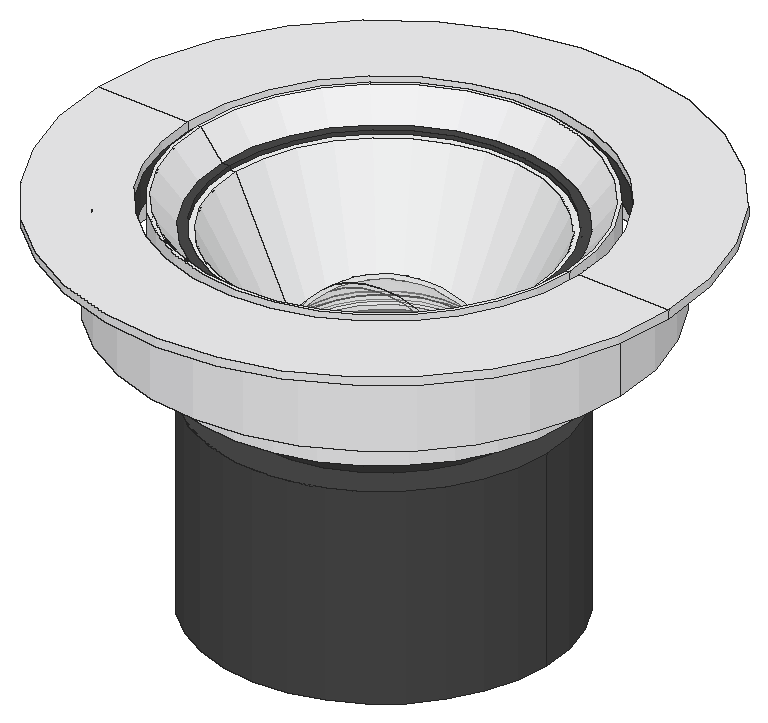
Revit family "2070073", category Lighting Fixtures, host Face, Revit 2018
Family settings
  Host = Face
  Round Connector Dimension = Use Diameter
  Part Type = Normal
  OmniClass Number = 23.80.70.11.17
  OmniClass Title = Specialized Lighting by Location or Use
  Cut with Voids When Loaded = No
  Light Source = No
  Shared = No
  Room Calculation Point = No
Parameters (values of type "2070073 EXPOSPOT 90 ADJ HO RA90 3000K MB WHITE")
  Weight = 0.77 kg  # constant formula
  Total Power Consumption = 27.9994 W
  Reflector Material = Aluminum_Sylvania_Expospot_Polished
  Radius = Diameter / 2  # 75.0 mm
  Product Code = "0060262"
  Photometric Web File = IES_Expospot_90_Adjustable : 0060292
  Photobiological Risk Group = "RG1"  # constant formula
  Nominal Frequency = "50/60Hz"  # constant formula
  Mounting Outer Radius = Head Radius + 3.0 mm  # 52.0 mm
  Max. Luminaires per 20A C Breaker = "45"  # constant formula
  Max. Luminaires per 20A B Breaker = "27"  # constant formula
  Max. Luminaires per 16A C Breaker = "35"  # constant formula
  Max. Luminaires per 16A B Breaker = "21"  # constant formula
  Max. Luminaires per 13A C Breaker = "28"  # constant formula
  Max. Luminaires per 13A B Breaker = "17"  # constant formula
  Max. Luminaires per 10A C Breaker = "21"  # constant formula
  Max. Luminaires per 10A B Breaker = "13"  # constant formula
  Light Loss Factor = 1  # constant formula
  Lamp Power Factor = 0.92
  LOR = "100%"  # constant formula
  Keynote = "n/a"
  Inrush Duration = "250µs"  # constant formula
  Inrush Current = 19.4 A  # constant formula
  Initial Intensity = 3126 lm
  Initial Color = 3000 K
  IP Rating = "IP20"  # constant formula
  IK Rating = "IK02"  # constant formula
  Height = 103.0 mm  # constant formula
  Voltage Comments = "220-240V~"  # constant formula
  Voltage = 240 V  # constant formula
  URL = "0.95"
  Product Page URL = "http://www.sylvania-lighting.com/product/en-int/products/0060262"
  Product Family = "EXPOSPOT 90 ADJUSTABLE"  # constant formula
  Head Radius = Radius - 26.0 mm  # 49.0 mm
  Head Diameter = Head Radius * 2  # 98.0 mm
  Head Angle [instance] = 0°
  Glow Wire Test = 850 °C  # constant formula
  Electrical Protection = "Class II"  # constant formula
  Drive Current = "700mA"  # constant formula
  Dimmable = "N"  # constant formula
  Diffuser Material = Acrylic_Sylvania_Expospot_3000K
  Diameter = 150.0 mm  # constant formula
  Cutout Diameter = Diameter - 10.0 mm  # 140.0 mm
  Created by URL = "http://all1studio.com/"
  Created by = "All 1 Studio Ltd. "  # constant formula
  Control Gear Type = "Electronic"  # constant formula
  Control Gear Required = "No"  # constant formula
  Control Gear Mounting = "Remote"  # constant formula
  Colour Variation Initial = "3SDCM"  # constant formula
  built-in parameter 1114216 [instance] = 1 (stored number, unit not read)
  Model = "EXPOSPOT 90 ADJUSTABLE HO RA90 3000K MB WHITE"
  Manufacturer = "Feilo Sylvania"  # constant formula
  Lamp = "LED"  # constant formula
  CRI = "80Ra"
  Body Material = Aluminum_Sylvania_Expospot_White
  Description = "Specifically designed for Retail and Display applications. I.e. Supermarkets Fashion Retail Department stores. Build around a 90mm reflector and lens combination."  # constant formula
  Default Elevation = 0.0 mm
  built-in parameter 1140040 [instance] = 1
  Beam Angle = 47°
  Average Life = "50 000h"  # constant formula
  Assembly Code = "D5020200"
  Apparent Load Comments = ""
  Apparent Load = 35 VA
  Body Secondary Material = Plastic_Sylvania_Expospot_Black
Reference planes
  plane 1 "Center (Front/Back)": y = 0
  plane 2: z = 0
  plane 3 "Center (Left/Right)": x = -7.423
  plane 4: z = 2
  plane 5: z = -22.5
  plane 6: x = -82.423
  plane 7: z = -5
Forms (mm)
  Revolve 1, solid, material "Aluminum_Sylvania_Expospot_White" <- "Body Material", detail levels fine
    sketch origin (0, 0, 0) x (1, 0, 0) y (0, 0, 1)
      loop
        line (-82.423, 2) -> (-82.423, 0) -> (-69.923, 0) -> (-69.923, -22.5) -> (-67.923, -22.5) -> (-67.923, 0) -> (-58.923, 0) -> (-58.923, 2) -> (-82.423, 2)
      axis (-7.423, 2) -> (-7.423, -22.5)
    angle from 0 to 360
  Revolve 2, solid, material "Plastic_Sylvania_Expospot_Black" <- "Body Secondary Material", detail levels fine
    sketch origin (0, 0, 0) x (1, 0, 0) y (0, 0, 1)
      loop
        line (-67.923, 0) -> (-67.923, -1.5) -> (-60.923, -1.5) -> (-60.923, -8.5) -> (-59.423, -8.5) -> (-59.423, 0) -> (-67.923, 0)
      axis (-7.423, 0) -> (-7.423, -8.5)
    angle from 0 to 360
  Extrusion 3, void
    sketch origin (0, 0, 0) x (1, 0, 0) y (0, 1, 0)
      loop
        circle (-7.423, 0) r 70
    from -116.997 to 69.443
  Extrusion 4, solid, material "Aluminum_Sylvania_Expospot_White" <- "Body Material", detail levels fine
    sketch origin (-7.423, 0, 0) x (0, 1, 0) y (0, 0, 1)
      loop
        circle (0, -5) r 3.5
    from 49 <- "Head Radius" to 52 <- "Mounting Outer Radius"
  Extrusion 5, solid, material "Aluminum_Sylvania_Expospot_White" <- "Body Material", detail levels fine
    sketch origin (-7.423, 0, 0) x (0, 1, 0) y (0, 0, -1)
      loop
        circle (0, 5) r 3.5
    from 49 <- "Head Radius" to 52 <- "Mounting Outer Radius"
  Revolve 6, solid, material "Aluminum_Sylvania_Expospot_White" <- "Body Material", detail levels coarse+medium
    sketch origin (0, 0, 0) x (1, 0, 0) y (0, 0, 1)
      loop
        line (-82.423, 2) -> (-82.423, 0) -> (-69.923, 0) -> (-69.923, -22.5) -> (-67.923, -22.5) -> (-67.923, -8.5) -> (-58.923, -8.5) -> (-58.923, 2) -> (-82.423, 2)
      axis (-7.423, 2) -> (-7.423, -22.5)
    angle from 0 to 360
Lines and regions (mm)
  Masking region 1
    outline origin (0, 0, 0) x (1, 0, 0) y (0, 1, 0)
      loop
        circle (-7.423, 0) r 75
  reference lines
    curve 1: line (-7.423, 0, -5) -> (-7.423, 0, -60)
  symbolic lines, detail levels fine
    curve 2: arc (-58.923, 0, 0) -> (-7.423, 51.5, 0) -> (44.077, 0, 0) r 51.5
    curve 3: arc (44.077, 0, 0) -> (-7.423, -51.5, 0) -> (-58.923, 0, 0) r 51.5
Dimensions and locks
  plane 4 to plane 2 to plane 7 to plane 5 = 2.0 mm locked, 5.0 mm locked, 17.5 mm locked
  "Radius": plane 6 to plane 3 "Center (Left/Right)"
  "Cutout Diameter": diameter of Extrusion 3 sketch curve
  "Head Angle": angle plane 1 "Center (Front/Back)" to curve 1
  aligned and locked: host face to plane 2
  aligned and locked: host face to level
  aligned and locked: plane 6 to Revolve 1 sketch curve
  aligned and locked: Revolve 1 sketch curve to plane 3 "Center (Left/Right)"
  aligned and locked: plane 1 "Center (Front/Back)" to curve 1
  aligned and locked: plane 7 to curve 1
  aligned and locked: plane 6 to Revolve 6 sketch curve
Automatic sketch dimensions
  host sketch curve to host sketch curve = 1412.252 mm
  host sketch curve to host sketch curve = 1359.6 mm
  Revolve 1 sketch curve to level = 0.0 mm  (x2)
  Revolve 1 sketch curve to plane 5 = 0.0 mm
  Revolve 1 sketch curve to plane 4 = 0.0 mm
  Revolve 1 sketch curve to Revolve 1 sketch curve = 12.5 mm
  Revolve 1 sketch curve to Revolve 1 sketch curve = 2.0 mm
  Revolve 1 sketch curve to Revolve 1 sketch curve = 9.0 mm
  Revolve 1 sketch curve to plane 5 = 349.774 mm
  plane 4 to Revolve 1 sketch curve = 1145.706 mm
  Revolve 2 sketch curve to level = 0.0 mm
  Revolve 2 sketch curve to plane 3 "Center (Left/Right)" = 0.0 mm
  Revolve 2 sketch curve to plane 6 = 23.0 mm
  Revolve 2 sketch curve to Revolve 2 sketch curve = 1.5 mm
  Revolve 2 sketch curve to level = 1.5 mm
  Revolve 2 sketch curve to Revolve 2 sketch curve = 7.0 mm
  Revolve 2 sketch curve to plane 7 = 3.5 mm
  Revolve 2 sketch curve to plane 5 = 349.774 mm
  plane 4 to Revolve 2 sketch curve = 1145.706 mm
  plane 1 "Center (Front/Back)" to Extrusion 3 sketch curve = 0.0 mm
  Extrusion 3 sketch curve to plane 3 "Center (Left/Right)" = 0.0 mm
  Extrusion 4 sketch curve to plane 1 "Center (Front/Back)" = 0.0 mm
  Extrusion 4 sketch curve to plane 7 = 0.0 mm
  Extrusion 5 sketch curve to plane 1 "Center (Front/Back)" = 0.0 mm
  Extrusion 5 sketch curve to plane 7 = 0.0 mm
  Revolve 6 sketch curve to level = 0.0 mm
  Revolve 6 sketch curve to plane 5 = 0.0 mm
  Revolve 6 sketch curve to plane 4 = 0.0 mm
  Revolve 6 sketch curve to plane 3 "Center (Left/Right)" = 0.0 mm
  Revolve 6 sketch curve to plane 6 = 12.5 mm
  Revolve 6 sketch curve to plane 7 = 3.5 mm
  Revolve 6 sketch curve to Revolve 6 sketch curve = 9.0 mm
  Revolve 6 sketch curve to plane 5 = 349.774 mm
  plane 4 to Revolve 6 sketch curve = 1145.706 mm
  Revolve 6 sketch curve to Revolve 6 sketch curve = 2.0 mm
  Masking region 1 sketch curve to Masking region 1 sketch curve = 0.0 mm  (x2)
  plane 1 "Center (Front/Back)" to Masking region 1 sketch curve = 0.0 mm
  Masking region 1 sketch curve to plane 6 = 0.0 mm
  Masking region 1 sketch curve to plane 3 "Center (Left/Right)" = 0.0 mm
  curve 2 to curve 3 = 0.0 mm  (x2)
  plane 1 "Center (Front/Back)" to curve 2 = 0.0 mm
  curve 3 to plane 3 "Center (Left/Right)" = 0.0 mm
  curve 3 to plane 6 = 23.5 mm
  radius of Extrusion 4 sketch curve = 3.5 mm
  radius of Extrusion 5 sketch curve = 3.5 mm
Nested families
  nested 1: "Head_Expospot 90" at (-7.423, 0, 2), type "Head_Expospot 90"
  nested 2: "IES_Expospot_90_Adjustable" at (-7.423, 0, 2), type <- "Photometric Web File", type "0060292"
Connectors
  electrical at (-7.423, 0, -101), driven by "Voltage", driven by "Apparent Load", driven by "Lamp Power Factor"
    settings: on nested 1, index 1, voltage 240 V, apparent load 0 VA, apparent load phase1 35 VA, apparent load phase2 0 VA, apparent load phase3 0 VA, power factor 0.92, load classification "Lighting", number of poles 1, system type 31, power factor state 1, is connector primary yes, connector utility no, sub classification motor no, connector description ""
Definition of nested family "Head_Expospot 90"
  Parameters (values of type "Head_Expospot 90")
    Reflector Material = none
    Radius = 49.0 mm
    Height = 103.0 mm
    Diffuser Material = none
    Default Elevation = 0.0 mm
    Cooling Radius = Radius - 6.0 mm  # 43.0 mm
    Body Secondary Material = none
    Body Material = none
  Reference planes
    plane 1 "Center (Front/Back)": y = 0
    plane 2: z = 0
    plane 3 "Center (Left/Right)": x = 0
    plane 4: z = -35.5
    plane 5: z = -6.5
    plane 6 "Fixture Radius": x = -49
    plane 7: z = -45
    plane 8: z = -95
    plane 9: z = -103
    plane 10 "Diffuser Radius": x = -24.5
    plane 11: z = -36.5
  Forms (mm)
    Revolve 1, solid, material <- "Body Material", detail levels fine
      sketch origin (0, 0, 0) x (1, 0, 0) y (0, 0, 1)
        loop
          line (-49, 0) -> (-49, -35.5) -> (-47, -35.5) -> (-47, -4.542) -> (-45.357, -6.5) -> (-42.746, -6.5) -> (-48.2, 0) -> (-49, 0)
        axis (0, 0) -> (0, -35.5)
      angle from 0 to 360
    Revolve 2, solid, material <- "Reflector Material", detail levels fine
      sketch origin (0, 0, 0) x (1, 0, 0) y (0, 0, 1)
        loop
          line (-41, -7.5) -> (-41, -8.5) -> (-39.623, -8.5) -> (-25.123, -37.5) -> (-20.5, -37.5) -> (-20.5, -36.5) -> (-24.5, -36.5) -> (-39, -7.5) -> (-41, -7.5)
        axis (0, -7.5) -> (0, -37.5)
      angle from 0 to 360
    Revolve 3, solid, material <- "Body Secondary Material", detail levels fine
      sketch origin (0, 0, 0) x (1, 0, 0) y (0, 0, 1)
        loop
          line (-47, -6.5) -> (-47, -35.5) -> (-42.5, -35.5) -> (-35.078, -45) -> (0, -45) -> (0, -37.5) -> (-24.5, -37.5) -> (-24.5, -44) -> (-34.59, -44) -> (-42.012, -34.5) -> (-46, -34.5) -> (-46, -7.5) -> (-40.5, -7.5) -> (-40.5, -6.5) -> (-47, -6.5)
        axis (0, -6.5) -> (0, -45)
      angle from 0 to 360
    Revolve 4, solid, material <- "Body Secondary Material", detail levels fine
      sketch origin (0, 0, 0) x (1, 0, 0) y (0, 0, 1)
        loop
          line (-30, -95) -> (-30, -97) -> (-28, -103) -> (0, -103) -> (0, -95) -> (-30, -95)
        axis (0, -95) -> (0, -103)
      angle from 0 to 360
    Extrusion 5, solid, material <- "Body Secondary Material", detail levels fine
      sketch origin (0, 0, 0) x (1, 0, 0) y (0, 1, 0)
        loop
          circle (0, 0) r 43
      from -95 to -45
    Extrusion 6, solid, material <- "Body Material", detail levels coarse+medium
      sketch origin (0, 0, 0) x (1, 0, 0) y (0, 1, 0)
        loop
          circle (0, 0) r 49
      from -103 to 0
    Revolve 7, solid, material <- "Diffuser Material", detail levels fine
      sketch origin (0, 0, 0) x (1, 0, 0) y (0, 0, 1)
        loop
          line (-22.5, -34.5) -> (-22.5, -36.5) -> (-21.5, -36.5) -> (-21.5, -34.77)
          arc (-21.5, -34.77) -> (-12.378, -25.783) -> (0, -22.5) r 24.971
          line (0, -22.5) -> (0, -21.5)
          arc (0, -21.5) -> (-12.993, -24.984) -> (-22.5, -34.5) r 25.971
        axis (0, -21.5) -> (0, -36.5)
      angle from 0 to 360
  Dimensions and locks
    "Radius": plane 3 "Center (Left/Right)" to plane 6 "Fixture Radius"
    locked: Revolve 4 sketch curve to plane 6 "Fixture Radius" at 19
    locked: plane 10 "Diffuser Radius" to plane 6 "Fixture Radius" at 24.5
    Revolve 7 sketch curve to Revolve 7 sketch curve to plane 11 = 1.0 mm locked, 14.0 mm locked
    plane 10 "Diffuser Radius" to Revolve 7 sketch curve to Revolve 7 sketch curve = 2.0 mm locked, 1.0 mm locked
    "Height": plane 2 to plane 9
    locked: plane 8 to plane 9 at 8
    plane 2 to plane 5 to plane 4 to plane 11 to plane 7 = 6.5 mm locked, 29.0 mm locked, 1.0 mm locked, 8.5 mm locked
    "Radius": radius of Extrusion 6 sketch curve
    "Cooling Radius": radius of Extrusion 5 sketch curve
    aligned and locked: level to plane 2
    aligned and locked: Revolve 1 sketch curve to plane 6 "Fixture Radius"
    aligned and locked: Extrusion 5 to plane 8
    aligned and locked: plane 7 to Extrusion 5
    aligned and locked: Extrusion 6 to plane 9
    aligned and locked: plane 2 to Extrusion 6
    aligned and locked: Revolve 1 sketch curve to plane 4
  Automatic sketch dimensions
    Revolve 4 sketch curve to plane 8 = 0.0 mm
    Revolve 4 sketch curve to plane 9 = 0.0 mm
    Revolve 4 sketch curve to plane 3 "Center (Left/Right)" = 0.0 mm  (x2)
    Revolve 4 sketch curve to plane 8 = 2.0 mm
    Revolve 4 sketch curve to Revolve 4 sketch curve = 2.0 mm
    Revolve 4 sketch curve to plane 9 = 265.545 mm
    level to Revolve 4 sketch curve = 2214.315 mm
    Revolve 1 sketch curve to level = 0.0 mm
    Revolve 1 sketch curve to plane 3 "Center (Left/Right)" = 0.0 mm
    Revolve 1 sketch curve to Revolve 1 sketch curve = 0.8 mm
    Revolve 1 sketch curve to Revolve 1 sketch curve = 2.0 mm
    plane 5 to Revolve 1 sketch curve = 1.958 mm
    Revolve 1 sketch curve to plane 5 = 0.0 mm
    Revolve 1 sketch curve to Revolve 1 sketch curve = 1.643 mm
    Revolve 1 sketch curve to Revolve 1 sketch curve = 2.611 mm
    Revolve 1 sketch curve to plane 9 = 288.545 mm
    level to Revolve 1 sketch curve = 2214.315 mm
    plane 10 "Diffuser Radius" to Revolve 2 sketch curve = 0.0 mm
    Revolve 2 sketch curve to plane 3 "Center (Left/Right)" = 0.0 mm
    Revolve 2 sketch curve to plane 11 = 0.0 mm
    Revolve 2 sketch curve to plane 5 = 1.0 mm
    plane 6 "Fixture Radius" to Revolve 2 sketch curve = 10.0 mm
    Revolve 2 sketch curve to Revolve 2 sketch curve = 2.0 mm
    Revolve 2 sketch curve to plane 10 "Diffuser Radius" = 4.0 mm
    Revolve 2 sketch curve to Revolve 2 sketch curve = 383.045 mm
    Revolve 2 sketch curve to Revolve 2 sketch curve = 2221.815 mm
    plane 10 "Diffuser Radius" to Revolve 2 sketch curve = 0.623 mm
    Revolve 2 sketch curve to Revolve 2 sketch curve = 0.623 mm
    Revolve 2 sketch curve to Revolve 2 sketch curve = 1.0 mm
    Revolve 2 sketch curve to plane 11 = 1.0 mm
    Revolve 3 sketch curve to plane 5 = 0.0 mm
    Revolve 3 sketch curve to plane 4 = 0.0 mm
    Revolve 3 sketch curve to plane 7 = 0.0 mm
    plane 10 "Diffuser Radius" to Revolve 3 sketch curve = 0.0 mm
    Revolve 3 sketch curve to plane 3 "Center (Left/Right)" = 0.0 mm  (x2)
    plane 7 to Revolve 3 sketch curve = 1.0 mm
    plane 10 "Diffuser Radius" to Revolve 3 sketch curve = 10.09 mm
    Revolve 3 sketch curve to Revolve 3 sketch curve = 0.488 mm  (x2)
    Revolve 3 sketch curve to plane 5 = 1.0 mm
    plane 6 "Fixture Radius" to Revolve 3 sketch curve = 8.5 mm
    plane 4 to Revolve 3 sketch curve = 1.0 mm
    plane 6 "Fixture Radius" to Revolve 3 sketch curve = 6.988 mm
    plane 6 "Fixture Radius" to Revolve 3 sketch curve = 3.0 mm
    Revolve 3 sketch curve to Revolve 3 sketch curve = 1.0 mm
    Revolve 3 sketch curve to plane 9 = 265.545 mm
    level to Revolve 3 sketch curve = 2214.315 mm
    Revolve 3 sketch curve to plane 11 = 1.0 mm
    Revolve 7 sketch curve to Revolve 7 sketch curve = 0.0 mm
    Revolve 7 sketch curve to plane 11 = 0.0 mm
    Revolve 7 sketch curve to plane 3 "Center (Left/Right)" = 0.0 mm  (x2)
    plane 4 to Revolve 7 sketch curve = 0.73 mm
    Revolve 7 sketch curve to plane 9 = 278.0 mm
    level to Revolve 7 sketch curve = 156.383 mm
    plane 1 "Center (Front/Back)" to Extrusion 5 sketch curve = 0.0 mm
    Extrusion 5 sketch curve to plane 3 "Center (Left/Right)" = 0.0 mm
    plane 1 "Center (Front/Back)" to Extrusion 6 sketch curve = 0.0 mm
    Extrusion 6 sketch curve to plane 3 "Center (Left/Right)" = 0.0 mm
Definition of nested family "IES_Expospot_90_Adjustable"
  Parameters (values of type "0060286")
    Wattage = 34.9993 W
    built-in parameter 1150110 = 1 (stored number, unit not read)
    Total Power Consumption = 34.9993 W
    built-in parameter 1114217 = 1 (stored number, unit not read)
    Tilt Angle = -90°
    built-in parameter 1150109 = 1 (stored number, unit not read)
    built-in parameter 1150134 = (empty or 0)
    built-in parameter 1150113 = 1 (stored number, unit not read)
    Photometric Web File = "0060286.ies"
    built-in parameter 1150105 = 296.11 (stored number, unit not read)
    Lumens = 3721 lm
    built-in parameter 1150115 = 1 (stored number, unit not read)
    built-in parameter 1150137 = (empty or 0)
    built-in parameter 1150139 = (empty or 0)
    built-in parameter 1150112 = 1 (stored number, unit not read)
    built-in parameter 1150114 = 1 (stored number, unit not read)
    built-in parameter 1150132 = 2
    built-in parameter 1150102 = 3721
    built-in parameter 1150107 = 3000 (stored number, unit not read)
    built-in parameter 1150138 = 3000
    built-in parameter 1150106 = 2.9611 (stored number, unit not read)
    Emit from Circle Diameter = 98.0 mm
    Emit Shape Visible in Rendering = no
    built-in parameter 1150104 = 9.8771 (stored number, unit not read)
    Dimming Lamp Color Temperature Shift = (empty or 0)
    Default Elevation = 0.0 mm
    Color Filter = 16777215
    built-in parameter 1114218 = 1 (stored number, unit not read)
    built-in parameter 1150133 = 10 (stored number, unit not read)
    Apparent Load = 34.9993 VA
  Types (24, lengths in mm): name | Wattage | Total Power Consumption | built-in parameter 1150134 | Photometric Web File | built-in parameter 1150105 | Lumens | built-in parameter 1150102 | built-in parameter 1150107 | built-in parameter 1150138 | built-in parameter 1150106 | built-in parameter 1150104 | Apparent Load
    0060296 | 34.9993 W | 34.9993 W | 12 | "0060296.ies" | 276.85 (stored number, unit not read) | 3479 lm | 3479 | 4000 (stored number, unit not read) | 4000 | 2.7685 (stored number, unit not read) | 9.2348 (stored number, unit not read) | 34.9993 VA
    0060295 | 34.9993 W | 34.9993 W | 12 | "0060295.ies" | 275.18 (stored number, unit not read) | 3458 lm | 3458 | 4000 (stored number, unit not read) | 4000 | 2.7518 (stored number, unit not read) | 9.179 (stored number, unit not read) | 34.9993 VA
    0060294 | 34.9993 W | 34.9993 W | 12 | "0060294.ies" | 284.09 (stored number, unit not read) | 3570 lm | 3570 | 4000 (stored number, unit not read) | 4000 | 2.8409 (stored number, unit not read) | 9.4763 (stored number, unit not read) | 34.9993 VA
    0060293 | 34.9993 W | 34.9993 W | (empty or 0) | "0060293.ies" | 262.05 (stored number, unit not read) | 3293 lm | 3293 | 3000 (stored number, unit not read) | 3000 | 2.6205 (stored number, unit not read) | 8.741 (stored number, unit not read) | 34.9993 VA
    0060292 | 34.9993 W | 34.9993 W | (empty or 0) | "0060292.ies" | 253.06 (stored number, unit not read) | 3180 lm | 3180 | 3000 (stored number, unit not read) | 3000 | 2.5306 (stored number, unit not read) | 8.4411 (stored number, unit not read) | 34.9993 VA
    0060291 | 34.9993 W | 34.9993 W | (empty or 0) | "0060291.ies" | 268.1 (stored number, unit not read) | 3369 lm | 3369 | 3000 (stored number, unit not read) | 3000 | 2.681 (stored number, unit not read) | 8.9428 (stored number, unit not read) | 34.9993 VA
    0060290 | 34.9993 W | 34.9993 W | 12 | "0060290.ies" | 313.69 (stored number, unit not read) | 3942 lm | 3942 | 4000 (stored number, unit not read) | 4000 | 3.1369 (stored number, unit not read) | 10.464 (stored number, unit not read) | 34.9993 VA
    0060289 | 34.9993 W | 34.9993 W | 12 | "0060289.ies" | 306.53 (stored number, unit not read) | 3852 lm | 3852 | 4000 (stored number, unit not read) | 4000 | 3.0653 (stored number, unit not read) | 10.225 (stored number, unit not read) | 34.9993 VA
    0060288 | 34.9993 W | 34.9993 W | 12 | "0060288.ies" | 327.94 (stored number, unit not read) | 4121 lm | 4121 | 4000 (stored number, unit not read) | 4000 | 3.2794 (stored number, unit not read) | 10.939 (stored number, unit not read) | 34.9993 VA
    0060287 | 34.9993 W | 34.9993 W | (empty or 0) | "0060287.ies" | 297.3 (stored number, unit not read) | 3736 lm | 3736 | 3000 (stored number, unit not read) | 3000 | 2.973 (stored number, unit not read) | 9.9169 (stored number, unit not read) | 34.9993 VA
    0060286 | 34.9993 W | 34.9993 W | (empty or 0) | "0060286.ies" | 296.11 (stored number, unit not read) | 3721 lm | 3721 | 3000 (stored number, unit not read) | 3000 | 2.9611 (stored number, unit not read) | 9.8771 (stored number, unit not read) | 34.9993 VA
    0060272 | 27.9994 W | 27.9994 W | 12 | "0060272.ies" | 227.19 (stored number, unit not read) | 2855 lm | 2855 | 4000 (stored number, unit not read) | 4000 | 2.2719 (stored number, unit not read) | 9.473 (stored number, unit not read) | 27.9994 VA
    0060271 | 27.9994 W | 27.9994 W | 12 | "0060271.ies" | 225.68 (stored number, unit not read) | 2836 lm | 2836 | 4000 (stored number, unit not read) | 4000 | 2.2568 (stored number, unit not read) | 9.4099 (stored number, unit not read) | 27.9994 VA
    0060270 | 27.9994 W | 27.9994 W | 12 | "0060270.ies" | 221.94 (stored number, unit not read) | 2789 lm | 2789 | 4000 (stored number, unit not read) | 4000 | 2.2194 (stored number, unit not read) | 9.254 (stored number, unit not read) | 27.9994 VA
    0060269 | 27.9994 W | 27.9994 W | (empty or 0) | "0060269.ies" | 206.03 (stored number, unit not read) | 2589 lm | 2589 | 3000 (stored number, unit not read) | 3000 | 2.0603 (stored number, unit not read) | 8.5904 (stored number, unit not read) | 27.9994 VA
    0060268 | 27.9994 W | 27.9994 W | (empty or 0) | "0060268.ies" | 204.75 (stored number, unit not read) | 2573 lm | 2573 | 3000 (stored number, unit not read) | 3000 | 2.0475 (stored number, unit not read) | 8.5373 (stored number, unit not read) | 27.9994 VA
    0060267 | 27.9994 W | 27.9994 W | (empty or 0) | "0060267.ies" | 201.81 (stored number, unit not read) | 2536 lm | 2536 | 3000 (stored number, unit not read) | 3000 | 2.0181 (stored number, unit not read) | 8.4145 (stored number, unit not read) | 27.9994 VA
    0060266 | 27.9994 W | 27.9994 W | 12 | "0060266.ies" | 256.96 (stored number, unit not read) | 3229 lm | 3229 | 4000 (stored number, unit not read) | 4000 | 2.5696 (stored number, unit not read) | 10.714 (stored number, unit not read) | 27.9994 VA
    0060265 | 27.9994 W | 27.9994 W | 12 | "0060265.ies" | 257.19 (stored number, unit not read) | 3232 lm | 3232 | 4000 (stored number, unit not read) | 4000 | 2.5719 (stored number, unit not read) | 10.724 (stored number, unit not read) | 27.9994 VA
    0060264 | 27.9994 W | 27.9994 W | 12 | "0060264.ies" | 250.27 (stored number, unit not read) | 3145 lm | 3145 | 4000 (stored number, unit not read) | 4000 | 2.5027 (stored number, unit not read) | 10.435 (stored number, unit not read) | 27.9994 VA
    0060263 | 27.9994 W | 27.9994 W | (empty or 0) | "0060263.ies" | 252.58 (stored number, unit not read) | 3174 lm | 3174 | 3000 (stored number, unit not read) | 3000 | 2.5258 (stored number, unit not read) | 10.531 (stored number, unit not read) | 27.9994 VA
    0060262 | 27.9994 W | 27.9994 W | (empty or 0) | "0060262.ies" | 248.76 (stored number, unit not read) | 3126 lm | 3126 | 3000 (stored number, unit not read) | 3000 | 2.4876 (stored number, unit not read) | 10.372 (stored number, unit not read) | 27.9994 VA
    0060261 | 27.9993 W | 28 W | (empty or 0) | "0060261.ies" | 3140.4 (stored number, unit not read) | 3174 lm | 3479 | 3000 (stored number, unit not read) | 4000 | 31.404 (stored number, unit not read) | 10.531 (stored number, unit not read) | 28 VA
    0060285 | 35.0009 W | 34.9993 W | (empty or 0) | "0060285.ies" | 4452.3 (stored number, unit not read) | 3946 lm | 3721 | 3000 (stored number, unit not read) | 3000 | 44.523 (stored number, unit not read) | 10.474 (stored number, unit not read) | 34.9993 VA
  Reference planes
    plane 1 "Center (Front/Back)": y = 0
    plane 2: z = 0
    plane 3 "Center (Left/Right)": x = 0
  Dimensions and locks
    aligned and locked: level to plane 2
    aligned and locked: plane 3 "Center (Left/Right)" to imposter light
    aligned and locked: plane 1 "Center (Front/Back)" to imposter light
    aligned and locked: level to imposter light
